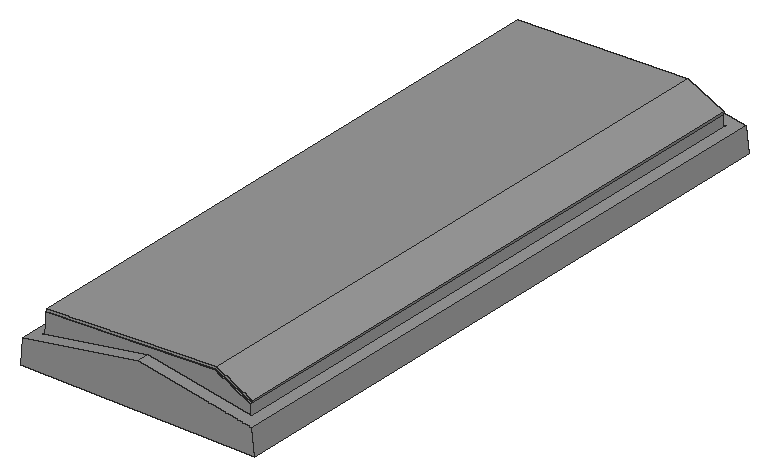
Revit family "JC KONTAKTER JCK107 DE", category Specialty Equipment, host Face, Revit 2025
Family settings
  Host = Face
  Round Connector Dimension = Use Diameter
  Part Type = Normal
  Enable Cutting in Views = Yes
  Cut with Voids When Loaded = No
  Maintain Annotation Orientation = Yes
  Shared = No
  Room Calculation Point = No
Parameters (values of type "JCK107")
  URL = "https://grossflaechentaster.de/produkt/grossflachentaster-kunststoff/grossflachentaster-jck107/"
  Technisches Produktblatt = "https://grossflaechentaster.de/wp-content/uploads/sites/3/Technisches-Produktdatenblatt-_107_DE.pdf"
  Produktgewicht = "0.321 kg."
  Nomineller nennstrom = "12 V - Resistive 6A Inductive L/R 5ms 6A, 24 V - Resistive 6A Inductive L/R 5ms 5A"
  Model = "JCK107"
  Mikroschalter = "Standard NO IP67"
  Manufacturer = "JC kontakter"
  Kern = ABS 750SW (silberfärg)
  Herstellungsland = "Schweden"
  Geringster nennstrom = "1mA/4 V DC"
  Druckplatte = Stainless Steel EN 1.4301
  Description = "Dieser Ellenbogentaster ist aus schlagfestem ABS-Kunststoff hergestellt und hat eine flache Tastfläche. Dieses Modell hat eine hellgrau Tastfläche mit einer Frontplatte aus rostfreiem Stahl und einen hellgrau Rahmen. Vor allem für den Einsatz in Innenbereichen konzipiert, kann aber auch im Freien eingesetzt werden, da er mit einem feuchtigkeitsgeschützten Mikroschalter der IP-Klasse 67 ausgerüstet ist."
  Default Elevation = 800 mm
  Deckel = ABS 750SW (silberfärg)
  CE-kennzeichnung = "https://jckontakter.se/wp-content/uploads/CE_Dokument.pdf"
  Anzahl der mikroschalter = 1
Reference planes
  plane 1 "Center (Front/Back)": y = 0
  plane 2: z = 0
  plane 3 "Center (Left/Right)": x = 0
  plane 4 "A": y = -122.5
Lines and regions (mm)
  symbolic lines
    curve 1: line (-50, 0, 50) -> (50, 0, 50)
    curve 2: line (-50, 0, 0) -> (-50, 0, 50)
    curve 3: line (50, 0, 0) -> (-50, 0, 0)
    curve 4: line (50, 0, 50) -> (50, 0, 0)
    curve 5: line (-40, 122.5, 0) -> (40, 122.5, 0)
    curve 6: line (-40, -122.5, 0) -> (-40, 122.5, 0)
    curve 7: line (40, -122.5, 0) -> (-40, -122.5, 0)
    curve 8: line (40, 122.5, 0) -> (40, -122.5, 0)
Text (mm)
  text "Entfernen Sie diesen Text vor der Verwendung.\n\nPlatzierungsanweisungen:\n\n1. In das Projekt laden.\n2. Bewegen Sie den Mauszeiger über die Fläche, auf der die Familie platziert werden soll.\n3. Wenn die Familie gedreht angezeigt wird, aktivieren Sie die Option „Nach Platzierung drehen.\n4. Klicken Sie auf die gewünschte Fläche.\n5. Geben Sie den gewünschten Winkel ein.\n6. Drücken Sie die Eingabetaste." at (123.173, 1072.34, 0), in view "Ref. Level"
Dimensions and locks
  aligned and locked: plane 2 to host face
  aligned and locked: level to host face
Nested families
  nested 1: "AK_107" at (0, -122.5, 0) x (1, 0, 0) z (0, 1, 0), type "AK_107"
Definition of nested family "AK_107"
  Parameters (values of type "AK_107")
    URL = "https://jckontakter.se/produkt/armbagskontakter-plast/armbagskontakt-jck107/"
    Model = "JCK107"  # constant formula
    Manufacturer = "JC Kontakter"  # constant formula
    Plate Finish = none
    Lid Finish = none
    Default Elevation = 1219.2 mm
    Core Finish = none
    Description = "JCK107 är en stilren armbågskontakt i tålig ABS-plast. Modell med plan tryckplatta i rostfri metall och mörkgrå underdel.\r\nJCK107 levereras med 1st mikrobrytare i IP67, men går även att beställa med fler."  # constant formula
  Reference planes
    plane 1 "Center (Front/Back)": y = 0
    plane 2: z = 0
    plane 3 "Center (Left/Right)": x = 0
    plane 4 "1": x = 47.5
    plane 5 "A": z = 5
    plane 6 "B": z = 245
  Forms (mm)
    Extrusion 1, solid, material <- "Core Finish"
      sketch origin (0, 0, 0) x (1, 0, 0) y (0, 1, 0)
        loop
          line (-47.5, 0) -> (-46.5, -10) -> (0, -18) -> (46.5, -10) -> (47.5, 0) -> (-47.5, 0)
      from 0 to 250
    Extrusion 2, void
      sketch origin (0, 0, 0) x (1, 0, 0) y (0, 1, 0)
        loop
          line (-42.5, -4) -> (-42.5, -18.223) -> (42.5, -18.223) -> (42.5, -4) -> (-42.5, -4)
      from 5 to 245
    Extrusion 3, solid, material <- "Lid Finish"
      sketch origin (0, 0, 5) x (-1, 0, 0) y (0, -1, 0)
        loop
          line (-42, 6) -> (42, 6) -> (41.473, 18.808) -> (-26.802, 21.808) -> (-41.637, 14.808) -> (-42, 6)
      from 0.5 to 239.5
    Extrusion 4, solid, material <- "Plate Finish"
      sketch origin (0, 0, 5) x (-1, 0, 0) y (0, -1, 0)
        loop
          line (41.473, 18.808) -> (41.517, 19.807) -> (-27.455, 22.838) -> (-42.064, 15.713) -> (-41.637, 14.808) -> (-26.802, 21.808) -> (41.473, 18.808)
      from 1 to 239.5
  Cuts and joins
    Extrusion 2 cuts Extrusion 1
  Dimensions and locks
    aligned and locked: level to plane 2
